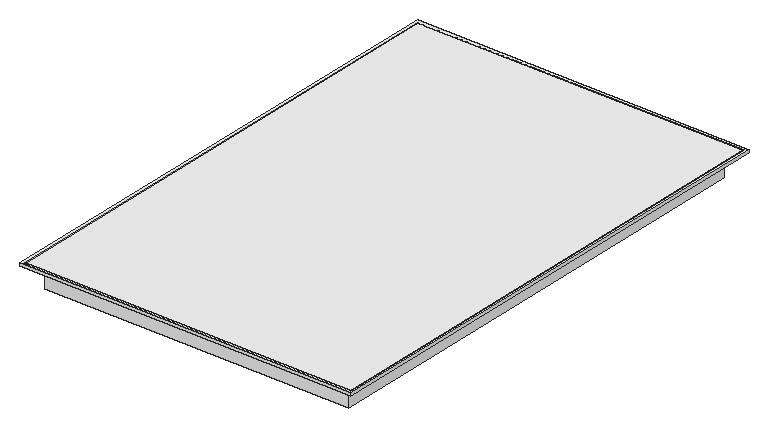
Revit family "Mirror-LED_Sidelit-Bobrick-B-164_Series", category Furniture, host Face, Revit 2019
Family settings
  Host = Face
  OmniClass Number = 23.40.95.17.17
  OmniClass Title = Mirrors
  Cut with Voids When Loaded = No
  Shared = Yes
  Room Calculation Point = No
Parameters (values of type "B-164 2436")
  Width = 24"
  Watts = 36 W
  Voltage = 24 V
  URL = "http://bobrick.com/"
  Type Comments = ""
  Product Page URL = "https://www.bobrick.com/products/washroom-accessories/washroom-accessories-catalog/product/b-164/"
  Product Documentation Link = "https://www.bobrick.com/wp-content/uploads/B-164_td.pdf"
  Price = "Prices may vary. Please consult Manufacturer Representative for most up-to-date price list."  # constant formula
  Mounting Panel Material = Metal-Bobrick-Aluminum
  Model = "B-164 2436"
  Mirror Material = Mirror-Bobrick
  Manufacturer = "Bobrick"  # constant formula
  Lumens = "2,500"
  Length = 1 3/4"
  Lamp = "LED"
  Installation Type = "Wall Mounted"
  Height = 36"
  Frame Material = Metal-Bobrick-Aluminum
  Description = "B-164 Series \r\nLED Backlit Mirror\r\nCommercial grade mirror construction combined with LED-lights reflecting quality, value and style. Mirror and mounting panel is IP44 rated, lead free silver backing exceeds ISO 9227:201, 120 hour corrosion testing. Light engine is IP66 rated with 50,000 hours estimated life. Dimming option. 30” cord with three-prong plug 6mm safety film backed glass mirror, with backside aluminum frame with key lock holes, for wall mounted installation."  # constant formula
  Default Elevation = 40"
  Creation Date = "08/26/2021"  # constant formula
  Assembly Code = "E2010"
  Apparent Load = 0 VA
  ADA Compliant = yes
Types (2): name | Watts | Model | Lumens | Height
  B-164 2436 | 36 W | "B-164 2436" | "2,500" | 36"
  B-164 2442 | 40 W | "B-164 2442" | "2,900" | 42"
Reference planes (in)
  plane 1 "Center (Front/Back)": y = 0
  plane 2: z = 0
  plane 3 "Center (Left/Right)": x = 0
  plane 4: y = 36
  plane 5: x = -12
  plane 6: x = 12
  plane 7: y = 34.25
  plane 8: y = 18
  plane 9: y = 33.6
  plane 10: y = 2.4
  plane 11: x = -10.62
  plane 12: x = 10.62
  plane 13: x = -9.02
  plane 14: x = 9.02
  plane 15: y = -40
  plane 16: z = 1.75
  plane 17: z = 1.55
  plane 18: x = -11.8
  plane 19: x = 11.8
  plane 20: y = 35.8
  plane 21: y = 0.2
  plane 22: x = -11
  plane 23: x = 11
Forms (in)
  Extrusion 1, solid, material "Metal-Bobrick-Aluminum" <- "Frame Material"
    sketch origin (0, 59.55022, 1.55) x (0, 1, 0) y (-1, 0, 0)
      loop
        line (-23.55022, 12) -> (-59.55022, 12) -> (-59.55022, -12) -> (-23.55022, -12) -> (-23.55022, 12)
      loop
        line (-59.35022, 11.8) -> (-59.35022, -11.8) -> (-23.75022, -11.8) -> (-23.75022, 11.8) -> (-59.35022, 11.8)
    from 0 to 0.2
  Extrusion 2, solid, material "Metal-Bobrick-Aluminum" <- "Mounting Panel Material"
    sketch origin (0, 0, 0) x (1, 0, 0) y (0, 1, 0)
      loop
        line (-11, 35) -> (-11, 1) -> (11, 1) -> (11, 35) -> (-11, 35)
      loop
        line (9.62109, 33.6) -> (-9.62109, 33.6) -> (-9.62109, 2.4) -> (9.62109, 2.4) -> (9.62109, 33.6)
    from 1.55 to 0
  Extrusion 3, solid
    sketch origin (0, 59.55022, 1.51875) x (-1, 0, 0) y (0, 1, 0)
      loop
        circle (0, -41.55022) r 0.25
    from 0.24716 to 0
  Extrusion 4, solid, material "PVC Film Backer-Bobrick-Frosted"
    sketch origin (0, 59.55022, 1.55) x (0, 1, 0) y (-1, 0, 0)
      loop
        line (-57.15022, -9.62) -> (-25.95022, -9.62) -> (-25.95022, 9.62) -> (-57.15022, 9.62) -> (-57.15022, -9.62)
    from -0.03125 to 0
  Extrusion 5, solid, material "Mirror-Bobrick" <- "Mirror Material"
    sketch origin (0, 59.55022, 1.55) x (0, 1, 0) y (-1, 0, 0)
      loop
        line (-59.35022, 11.8) -> (-59.35022, -11.8) -> (-23.75022, -11.8) -> (-23.75022, 11.8) -> (-59.35022, 11.8)
    from 0 to 0.2
Lines and regions (in)
  Masking region 1
    outline origin (0, 0, 0) x (1, 0, 0) y (0, 0, 1)
      loop
        line (12, 1.75) -> (-12, 1.75) -> (-12, 1.55) -> (-11, 1.55) -> (-11, 0) -> (11, 0) -> (11, 1.55) -> (12, 1.55) -> (12, 1.75)
  symbolic lines, detail levels medium+fine
    curve 1: line (-12, 0, 1.55) -> (12, 0, 1.55)
Dimensions and locks (in)
  "Width": plane 5 to plane 6
  "Height": plane 1 "Center (Front/Back)" to plane 4
  locked: plane 7 to plane 4 at 1.75
  equal spacing: plane 5, plane 3 "Center (Left/Right)", plane 6
  equal spacing: plane 1 "Center (Front/Back)", plane 8, plane 4
  locked: plane 10 to plane 1 "Center (Front/Back)" at 2.4
  locked: plane 9 to plane 4 at 2.4
  locked: plane 5 to plane 11 at 1.38
  locked: plane 12 to plane 6 at 1.38
  locked: plane 11 to plane 13 at 1.6
  locked: plane 14 to plane 12 at 1.6
  "Default Elevation": plane 15 to plane 1 "Center (Front/Back)"
  "Length": plane 16 to level
  plane 16 to plane 17 = 0.2"
  locked: plane 5 to plane 18 at 0.2
  locked: plane 19 to plane 6 at 0.2
  locked: plane 20 to plane 4 at 0.2
  locked: plane 1 "Center (Front/Back)" to plane 21 at 0.2
  locked: Extrusion 2 sketch curve to Extrusion 2 sketch curve at 1.4  (x2)
  locked: Extrusion 2 sketch curve to Extrusion 2 sketch curve at 1.37891  (x2)
  equal spacing: plane 22, plane 3 "Center (Left/Right)", plane 23
  locked: plane 22 to plane 23 at 22
  aligned and locked: plane 2 to host face
  aligned and locked: level to host face
  aligned and locked: plane 5 to Extrusion 1 sketch curve
  aligned and locked: Extrusion 1 sketch curve to plane 6
  aligned and locked: plane 4 to Extrusion 1 sketch curve
  aligned and locked: Extrusion 1 sketch curve to plane 1 "Center (Front/Back)"
  aligned and locked: host face to Extrusion 2
  aligned and locked: plane 8 to Extrusion 3 sketch curve
  aligned and locked: plane 3 "Center (Left/Right)" to Extrusion 3 sketch curve
  aligned and locked: plane 16 to Extrusion 1
  aligned and locked: Extrusion 4 to Extrusion 1
  aligned and locked: Extrusion 1 sketch curve to plane 18
  aligned and locked: plane 19 to Extrusion 1 sketch curve
  aligned and locked: Extrusion 1 sketch curve to plane 20
  aligned and locked: Extrusion 1 sketch curve to plane 21
  aligned and locked: Extrusion 5 sketch curve to plane 20
  aligned and locked: Extrusion 5 sketch curve to plane 18
  aligned and locked: plane 19 to Extrusion 5 sketch curve
  aligned and locked: Extrusion 5 sketch curve to plane 21
  aligned and locked: plane 9 to Extrusion 2 sketch curve
  aligned and locked: plane 10 to Extrusion 2 sketch curve
  aligned and locked: Extrusion 2 sketch curve to plane 22
  aligned and locked: plane 23 to Extrusion 2 sketch curve
  aligned and locked: Masking region 1 sketch curve to Extrusion 1  (x4)
  aligned and locked: Masking region 1 sketch curve to Extrusion 2  (x3)
  aligned and locked: curve 1 to Extrusion 1
Automatic sketch dimensions
  host sketch curve to host sketch curve = 96"  (x2)
  plane 9 to Extrusion 4 sketch curve = 0"
  Extrusion 4 sketch curve to plane 10 = 0"
  Extrusion 4 sketch curve to plane 14 = 0.6"
  Extrusion 4 sketch curve to plane 13 = 0.6"
  Masking region 1 sketch curve to plane 17 = 0"
  curve 1 to plane 5 = 0"
  curve 1 to plane 6 = 0"
  radius of Extrusion 3 sketch curve = 1/4"
Connectors (in)
  electrical at (0, 18, 1.27159), driven by "Voltage", driven by "Apparent Load"
    settings: on Extrusion 3, index 1, voltage 24 V, apparent load 0 VA, apparent load phase1 0 VA, apparent load phase2 0 VA, apparent load phase3 0 VA, power factor 1, load classification "Other", number of poles 1, system type 30, power factor state 1, is connector primary yes, connector utility no, sub classification motor no, connector description "120V-24V Class 2 Power Supply"
